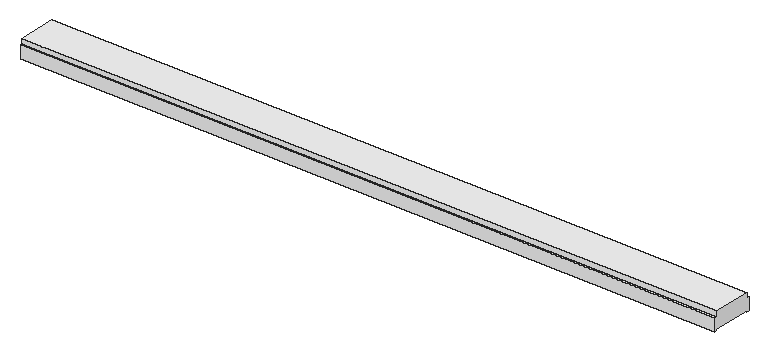
Revit family "Zumtobel TECTON MIREL LED", category Lighting Fixtures, Revit 2016 (continued)
Definition of nested family "Zumtobel TECTON MIREL Body L 1500"
  Forms (mm)
    Blend 23, void
      top sketch origin (0, 0, -623) x (0, -1, 0) y (1, 0, 0)
        loop
          line (207.644, -463.424) -> (207.644, -485.424) -> (229.644, -485.424) -> (229.644, -463.424) -> (207.644, -463.424)
      from 0 to 10
    Blend 24, void
      base sketch origin (0, 0, -623) x (0, -1, 0) y (1, 0, 0)
        loop
          line (238.644, -447.424) -> (238.644, -407.424) -> (198.644, -407.424) -> (198.644, -447.424) -> (238.644, -447.424)
      top sketch origin (0, 0, -623) x (0, -1, 0) y (1, 0, 0)
        loop
          line (207.644, -416.424) -> (207.644, -438.424) -> (229.644, -438.424) -> (229.644, -416.424) -> (207.644, -416.424)
      from 0 to 10
    Blend 25, void
      base sketch origin (0, 0, -623) x (0, -1, 0) y (1, 0, 0)
        loop
          line (238.644, -360.424) -> (198.644, -360.424) -> (198.644, -400.424) -> (238.644, -400.424) -> (238.644, -360.424)
      top sketch origin (0, 0, -623) x (0, -1, 0) y (1, 0, 0)
        loop
          line (207.644, -391.424) -> (229.644, -391.424) -> (229.644, -369.424) -> (207.644, -369.424) -> (207.644, -391.424)
      from 0 to 10
    Blend 26, void
      base sketch origin (0, 0, -623) x (0, -1, 0) y (1, 0, 0)
        loop
          line (238.644, -313.424) -> (198.644, -313.424) -> (198.644, -353.424) -> (238.644, -353.424) -> (238.644, -313.424)
      top sketch origin (0, 0, -623) x (0, -1, 0) y (1, 0, 0)
        loop
          line (207.644, -344.424) -> (229.644, -344.424) -> (229.644, -322.424) -> (207.644, -322.424) -> (207.644, -344.424)
      from 0 to 10
    Blend 27, void
      base sketch origin (0, 0, -623) x (0, -1, 0) y (1, 0, 0)
        loop
          line (238.644, -501.424) -> (198.644, -501.424) -> (198.644, -541.424) -> (238.644, -541.424) -> (238.644, -501.424)
      top sketch origin (0, 0, -623) x (0, -1, 0) y (1, 0, 0)
        loop
          line (207.644, -532.424) -> (229.644, -532.424) -> (229.644, -510.424) -> (207.644, -510.424) -> (207.644, -532.424)
      from 0 to 10
    Blend 28, void
      base sketch origin (0, 0, -623) x (0, -1, 0) y (1, 0, 0)
        loop
          line (238.644, -588.424) -> (238.644, -548.424) -> (198.644, -548.424) -> (198.644, -588.424) -> (238.644, -588.424)
      top sketch origin (0, 0, -623) x (0, -1, 0) y (1, 0, 0)
        loop
          line (207.644, -557.424) -> (207.644, -579.424) -> (229.644, -579.424) -> (229.644, -557.424) -> (207.644, -557.424)
      from 0 to 10
    Blend 29, void
      base sketch origin (0, 0, -623) x (0, -1, 0) y (1, 0, 0)
        loop
          line (238.644, -682.424) -> (238.644, -642.424) -> (198.644, -642.424) -> (198.644, -682.424) -> (238.644, -682.424)
      top sketch origin (0, 0, -623) x (0, -1, 0) y (1, 0, 0)
        loop
          line (207.644, -651.424) -> (207.644, -673.424) -> (229.644, -673.424) -> (229.644, -651.424) -> (207.644, -651.424)
      from 0 to 10
    Blend 30, void
      base sketch origin (0, 0, -623) x (0, -1, 0) y (1, 0, 0)
        loop
          line (238.644, -635.424) -> (238.644, -595.424) -> (198.644, -595.424) -> (198.644, -635.424) -> (238.644, -635.424)
      top sketch origin (0, 0, -623) x (0, -1, 0) y (1, 0, 0)
        loop
          line (207.644, -604.424) -> (207.644, -626.424) -> (229.644, -626.424) -> (229.644, -604.424) -> (207.644, -604.424)
      from 0 to 10
    Blend 31, void
      base sketch origin (0, 0, -623) x (0, -1, 0) y (1, 0, 0)
        loop
          line (238.644, -689.424) -> (198.644, -689.424) -> (198.644, -729.424) -> (238.644, -729.424) -> (238.644, -689.424)
      top sketch origin (0, 0, -623) x (0, -1, 0) y (1, 0, 0)
        loop
          line (207.644, -720.424) -> (229.644, -720.424) -> (229.644, -698.424) -> (207.644, -698.424) -> (207.644, -720.424)
      from 0 to 10
    Blend 32, void
      base sketch origin (0, 0, -623) x (0, -1, 0) y (1, 0, 0)
        loop
          line (238.644, -783.424) -> (198.644, -783.424) -> (198.644, -823.424) -> (238.644, -823.424) -> (238.644, -783.424)
      top sketch origin (0, 0, -623) x (0, -1, 0) y (1, 0, 0)
        loop
          line (207.644, -814.424) -> (229.644, -814.424) -> (229.644, -792.424) -> (207.644, -792.424) -> (207.644, -814.424)
      from 0 to 10
    Blend 33, void
      base sketch origin (0, 0, -623) x (0, -1, 0) y (1, 0, 0)
        loop
          line (238.644, -736.424) -> (198.644, -736.424) -> (198.644, -776.424) -> (238.644, -776.424) -> (238.644, -736.424)
      top sketch origin (0, 0, -623) x (0, -1, 0) y (1, 0, 0)
        loop
          line (207.644, -767.424) -> (229.644, -767.424) -> (229.644, -745.424) -> (207.644, -745.424) -> (207.644, -767.424)
      from 0 to 10
  Cuts and joins
    Blend 2, Blend 3, Blend 4, Blend 5, Blend 6, Blend 7, Blend 8, Blend 9, Blend 10, Blend 11, Blend 12, Blend 13, Blend 14, Blend 15, Blend 16, Blend 17, Blend 18, Blend 19, Blend 20, Blend 21, Blend 22, Blend 23, Blend 24, Blend 25, Blend 26, Blend 27, Blend 28, Blend 29, Blend 30, Blend 31, Blend 32, Blend 33 cuts Extrusion 1
  Dimensions and locks
    plane 7 to plane 6 to plane 4 "Light Source Elevation" = 7 mm locked, 16 mm locked
    aligned and locked: plane 5 "Bottom" to level
    aligned and locked: cut or joined group 1 (Extrusion 1, Blend 2, Blend 3, Blend 4, Blend 5, Blend 6, Blend 7, Blend 8, Blend 9, Blend 10, Blend 11, Blend 12, Blend 13, Blend 14, Blend 15, Blend 16, Blend 17, Blend 18, Blend 19, Blend 20, Blend 21, Blend 22, Blend 23, Blend 24, Blend 25, Blend 26, Blend 27, Blend 28, Blend 29, Blend 30, Blend 31, Blend 32, Blend 33) to plane 8
    aligned and locked: cut or joined group 1 to plane 9
Definition of nested family "Zumtobel TECTON MIREL Body L 1000"
  Parameters (values of type "L 1000")
    URL = ""
    Reflector [instance] = none
    Light Emitting Shape [instance] = none
    L 2000 = yes
    L 200 = yes
    L 1500 = yes
    L 1000 = yes
    Body [instance] = none
    Apparent Load = 0 VA  # constant formula
    Model = ""
    Lamp = ""
    Wattage Comments = ""
    Manufacturer = ""
    Description = ""
    Assembly Code = ""
  Reference planes
    plane 1 "Light Source Axis (F/B)": y = -218.644
    plane 2: z = 0
    plane 3 "Light Source Axis (L/R)": x = -74.924
    plane 4 "Light Source Elevation": z = -623
    plane 5 "Bottom": z = 0
    plane 6: z = -607
    plane 7: z = -600
    plane 8: x = -574.924
    plane 9: x = 425.076
  Forms (mm)
    Extrusion 1, solid, material <- "Body", visible <- "L 200"
      sketch origin (-74.924, 0, 0) x (0, 1, 0) y (0, 0, 1)
        loop
          line (-188.644, -607) -> (-191.518, -607) -> (-191.518, -600) -> (-245.769, -600) -> (-245.769, -607) -> (-248.644, -607) -> (-248.644, -625) -> (-246.644, -625) -> (-245.644, -623) -> (-191.644, -623) -> (-190.644, -625) -> (-188.644, -625) -> (-188.644, -607)
      from -500 to 500
    Blend 2, void
      base sketch origin (-23.5, 0, -623) x (0, -1, 0) y (1, 0, 0)
        loop
          line (238.644, -71.424) -> (238.644, -31.424) -> (198.644, -31.424) -> (198.644, -71.424) -> (238.644, -71.424)
      top sketch origin (-23.5, 0, -623) x (0, -1, 0) y (1, 0, 0)
        loop
          line (207.644, -40.424) -> (207.644, -62.424) -> (229.644, -62.424) -> (229.644, -40.424) -> (207.644, -40.424)
      from 0 to 10
    Blend 3, void
      base sketch origin (-23.5, 0, -623) x (0, -1, 0) y (1, 0, 0)
        loop
          line (238.644, 15.576) -> (198.644, 15.576) -> (198.644, -24.424) -> (238.644, -24.424) -> (238.644, 15.576)
      top sketch origin (-23.5, 0, -623) x (0, -1, 0) y (1, 0, 0)
        loop
          line (207.644, -15.424) -> (229.644, -15.424) -> (229.644, 6.576) -> (207.644, 6.576) -> (207.644, -15.424)
      from 0 to 10
    Blend 4, void
      base sketch origin (-23.5, 0, -623) x (0, -1, 0) y (1, 0, 0)
        loop
          line (238.644, 109.576) -> (198.644, 109.576) -> (198.644, 69.576) -> (238.644, 69.576) -> (238.644, 109.576)
      top sketch origin (-23.5, 0, -623) x (0, -1, 0) y (1, 0, 0)
        loop
          line (207.644, 78.576) -> (229.644, 78.576) -> (229.644, 100.576) -> (207.644, 100.576) -> (207.644, 78.576)
      from 0 to 10
    Blend 5, void
      base sketch origin (-23.5, 0, -623) x (0, -1, 0) y (1, 0, 0)
        loop
          line (238.644, 62.576) -> (198.644, 62.576) -> (198.644, 22.576) -> (238.644, 22.576) -> (238.644, 62.576)
      top sketch origin (-23.5, 0, -623) x (0, -1, 0) y (1, 0, 0)
        loop
          line (207.644, 31.576) -> (229.644, 31.576) -> (229.644, 53.576) -> (207.644, 53.576) -> (207.644, 31.576)
      from 0 to 10
    Blend 6, void
      base sketch origin (-23.5, 0, -623) x (0, -1, 0) y (1, 0, 0)
        loop
          line (238.644, 116.576) -> (238.644, 156.576) -> (198.644, 156.576) -> (198.644, 116.576) -> (238.644, 116.576)
      top sketch origin (-23.5, 0, -623) x (0, -1, 0) y (1, 0, 0)
        loop
          line (207.644, 147.576) -> (207.644, 125.576) -> (229.644, 125.576) -> (229.644, 147.576) -> (207.644, 147.576)
      from 0 to 10
    Blend 7, void
      base sketch origin (-23.5, 0, -623) x (0, -1, 0) y (1, 0, 0)
        loop
          line (238.644, 344.576) -> (198.644, 344.576) -> (198.644, 304.576) -> (238.644, 304.576) -> (238.644, 344.576)
      top sketch origin (-23.5, 0, -623) x (0, -1, 0) y (1, 0, 0)
        loop
          line (207.644, 313.576) -> (229.644, 313.576) -> (229.644, 335.576) -> (207.644, 335.576) -> (207.644, 313.576)
      from 0 to 10
    Blend 8, void
      base sketch origin (-23.5, 0, -623) x (0, -1, 0) y (1, 0, 0)
        loop
          line (238.644, 297.576) -> (198.644, 297.576) -> (198.644, 257.576) -> (238.644, 257.576) -> (238.644, 297.576)
      top sketch origin (-23.5, 0, -623) x (0, -1, 0) y (1, 0, 0)
        loop
          line (207.644, 266.576) -> (229.644, 266.576) -> (229.644, 288.576) -> (207.644, 288.576) -> (207.644, 266.576)
      from 0 to 10
    Blend 9, void
      base sketch origin (-23.5, 0, -623) x (0, -1, 0) y (1, 0, 0)
        loop
          line (238.644, 210.576) -> (238.644, 250.576) -> (198.644, 250.576) -> (198.644, 210.576) -> (238.644, 210.576)
      top sketch origin (-23.5, 0, -623) x (0, -1, 0) y (1, 0, 0)
        loop
          line (207.644, 241.576) -> (207.644, 219.576) -> (229.644, 219.576) -> (229.644, 241.576) -> (207.644, 241.576)
      from 0 to 10
    Blend 10, void
      base sketch origin (-23.5, 0, -623) x (0, -1, 0) y (1, 0, 0)
        loop
          line (238.644, 163.576) -> (238.644, 203.576) -> (198.644, 203.576) -> (198.644, 163.576) -> (238.644, 163.576)
      top sketch origin (-23.5, 0, -623) x (0, -1, 0) y (1, 0, 0)
        loop
          line (207.644, 194.576) -> (207.644, 172.576) -> (229.644, 172.576) -> (229.644, 194.576) -> (207.644, 194.576)
      from 0 to 10
    Blend 11, void
      base sketch origin (-23.5, 0, -623) x (0, -1, 0) y (1, 0, 0)
        loop
          line (238.644, 351.576) -> (238.644, 391.576) -> (198.644, 391.576) -> (198.644, 351.576) -> (238.644, 351.576)
      top sketch origin (-23.5, 0, -623) x (0, -1, 0) y (1, 0, 0)
        loop
          line (207.644, 382.576) -> (207.644, 360.576) -> (229.644, 360.576) -> (229.644, 382.576) -> (207.644, 382.576)
      from 0 to 10
    Blend 12, void
      base sketch origin (-23.5, 0, -623) x (0, -1, 0) y (1, 0, 0)
        loop
          line (238.644, 438.576) -> (198.644, 438.576) -> (198.644, 398.576) -> (238.644, 398.576) -> (238.644, 438.576)
      top sketch origin (-23.5, 0, -623) x (0, -1, 0) y (1, 0, 0)
        loop
          line (207.644, 407.576) -> (229.644, 407.576) -> (229.644, 429.576) -> (207.644, 429.576) -> (207.644, 407.576)
      from 0 to 10
    Blend 13, void
      base sketch origin (70.5, 0, -623) x (0, -1, 0) y (1, 0, 0)
        loop
          line (238.644, -259.424) -> (238.644, -219.424) -> (198.644, -219.424) -> (198.644, -259.424) -> (238.644, -259.424)
      top sketch origin (70.5, 0, -623) x (0, -1, 0) y (1, 0, 0)
        loop
          line (207.644, -228.424) -> (207.644, -250.424) -> (229.644, -250.424) -> (229.644, -228.424) -> (207.644, -228.424)
      from 0 to 10
    Blend 14, void
      base sketch origin (70.5, 0, -623) x (0, -1, 0) y (1, 0, 0)
        loop
          line (238.644, -212.424) -> (238.644, -172.424) -> (198.644, -172.424) -> (198.644, -212.424) -> (238.644, -212.424)
      top sketch origin (70.5, 0, -623) x (0, -1, 0) y (1, 0, 0)
        loop
          line (207.644, -181.424) -> (207.644, -203.424) -> (229.644, -203.424) -> (229.644, -181.424) -> (207.644, -181.424)
      from 0 to 10
    Blend 15, void
      base sketch origin (70.5, 0, -623) x (0, -1, 0) y (1, 0, 0)
        loop
          line (238.644, -266.424) -> (198.644, -266.424) -> (198.644, -306.424) -> (238.644, -306.424) -> (238.644, -266.424)
      top sketch origin (70.5, 0, -623) x (0, -1, 0) y (1, 0, 0)
        loop
          line (207.644, -297.424) -> (229.644, -297.424) -> (229.644, -275.424) -> (207.644, -275.424) -> (207.644, -297.424)
      from 0 to 10
    Blend 16, void
      base sketch origin (70.5, 0, -623) x (0, -1, 0) y (1, 0, 0)
        loop
          line (238.644, -494.424) -> (238.644, -454.424) -> (198.644, -454.424) -> (198.644, -494.424) -> (238.644, -494.424)
      top sketch origin (70.5, 0, -623) x (0, -1, 0) y (1, 0, 0)
        loop
          line (207.644, -463.424) -> (207.644, -485.424) -> (229.644, -485.424) -> (229.644, -463.424) -> (207.644, -463.424)
      from 0 to 10
    Blend 17, void
      base sketch origin (70.5, 0, -623) x (0, -1, 0) y (1, 0, 0)
        loop
          line (238.644, -447.424) -> (238.644, -407.424) -> (198.644, -407.424) -> (198.644, -447.424) -> (238.644, -447.424)
      top sketch origin (70.5, 0, -623) x (0, -1, 0) y (1, 0, 0)
        loop
          line (207.644, -416.424) -> (207.644, -438.424) -> (229.644, -438.424) -> (229.644, -416.424) -> (207.644, -416.424)
      from 0 to 10
    Blend 18, void
      base sketch origin (70.5, 0, -623) x (0, -1, 0) y (1, 0, 0)
        loop
          line (238.644, -360.424) -> (198.644, -360.424) -> (198.644, -400.424) -> (238.644, -400.424) -> (238.644, -360.424)
      top sketch origin (70.5, 0, -623) x (0, -1, 0) y (1, 0, 0)
        loop
          line (207.644, -391.424) -> (229.644, -391.424) -> (229.644, -369.424) -> (207.644, -369.424) -> (207.644, -391.424)
      from 0 to 10
    Blend 19, void
      base sketch origin (70.5, 0, -623) x (0, -1, 0) y (1, 0, 0)
        loop
          line (238.644, -313.424) -> (198.644, -313.424) -> (198.644, -353.424) -> (238.644, -353.424) -> (238.644, -313.424)
      top sketch origin (70.5, 0, -623) x (0, -1, 0) y (1, 0, 0)
        loop
          line (207.644, -344.424) -> (229.644, -344.424) -> (229.644, -322.424) -> (207.644, -322.424) -> (207.644, -344.424)
      from 0 to 10
    Blend 20, void
      base sketch origin (70.5, 0, -623) x (0, -1, 0) y (1, 0, 0)
        loop
          line (238.644, -501.424) -> (198.644, -501.424) -> (198.644, -541.424) -> (238.644, -541.424) -> (238.644, -501.424)
      top sketch origin (70.5, 0, -623) x (0, -1, 0) y (1, 0, 0)
        loop
          line (207.644, -532.424) -> (229.644, -532.424) -> (229.644, -510.424) -> (207.644, -510.424) -> (207.644, -532.424)
      from 0 to 10
    Blend 21, void
      base sketch origin (70.5, 0, -623) x (0, -1, 0) y (1, 0, 0)
        loop
          line (238.644, -588.424) -> (238.644, -548.424) -> (198.644, -548.424) -> (198.644, -588.424) -> (238.644, -588.424)
      top sketch origin (70.5, 0, -623) x (0, -1, 0) y (1, 0, 0)
        loop
          line (207.644, -557.424) -> (207.644, -579.424) -> (229.644, -579.424) -> (229.644, -557.424) -> (207.644, -557.424)
      from 0 to 10
    Blend 22, void
      base sketch origin (23.5, 0, -623) x (0, -1, 0) y (1, 0, 0)
        loop
          line (238.644, -588.424) -> (238.644, -548.424) -> (198.644, -548.424) -> (198.644, -588.424) -> (238.644, -588.424)
      top sketch origin (23.5, 0, -623) x (0, -1, 0) y (1, 0, 0)
        loop
          line (207.644, -557.424) -> (207.644, -579.424) -> (229.644, -579.424) -> (229.644, -557.424) -> (207.644, -557.424)
      from 0 to 10
  Cuts and joins
    Blend 2, Blend 3, Blend 4, Blend 5, Blend 6, Blend 7, Blend 8, Blend 9, Blend 10, Blend 11, Blend 12, Blend 13, Blend 14, Blend 15, Blend 16, Blend 17, Blend 18, Blend 19, Blend 20, Blend 21, Blend 22 cuts Extrusion 1
  Dimensions and locks
    plane 7 to plane 6 to plane 4 "Light Source Elevation" = 7 mm locked, 16 mm locked
    aligned and locked: plane 5 "Bottom" to level
    aligned and locked: cut or joined group of Extrusion 1, Blend 2, Blend 3, Blend 4, Blend 5, Blend 6, Blend 7, Blend 8, Blend 9, Blend 10, Blend 11, Blend 12, Blend 13, Blend 14, Blend 15, Blend 16, Blend 17, Blend 18, Blend 19, Blend 20, Blend 21, Blend 22 to plane 8
Types (3, lengths in mm): name | Wattage | URL | L 2000 | L 1500 | L 1000 | Emit from Rectangle Width | Apparent Load | Model | Length | Photometric Web File | built-in parameter 1150105 | Lumens | built-in parameter 1150106
  TECTON MIREL LED5400 L2000 | 36.4207 W | "http://www.zumtobel.com/42185316" | yes | no | no | 2000 | 37.7 VA | "42185316" | 2000 | "D38477AA_TECTON_MIREL_LED5400-840_L2000_LDE_WH.IES" | 430.51 (stored number, unit not read) | 5410 lm | 4.3051 (stored number, unit not read)
  TECTON MIREL LED4000 L1500 | 27.3323 W | "http://www.zumtobel.com/42185315" | no | yes | no | 1500 | 29.3 VA | "42185315" | 1500 | "D38477AA_TECTON_MIREL_LED4000-840_L1500_LDE_WH.IES" | 323.08 (stored number, unit not read) | 4060 lm | 3.2308 (stored number, unit not read)
  TECTON MIREL LED2700 L1000 | 18.244 W | "http://www.zumtobel.com/42185314" | no | no | yes | 1000 | 20.3 VA | "42185314" | 1000 | "D38477AA_TECTON_MIREL_LED2700-840_L1000_LDE_WH.IES" | 215.65 (stored number, unit not read) | 2710 lm | 2.1565 (stored number, unit not read)
